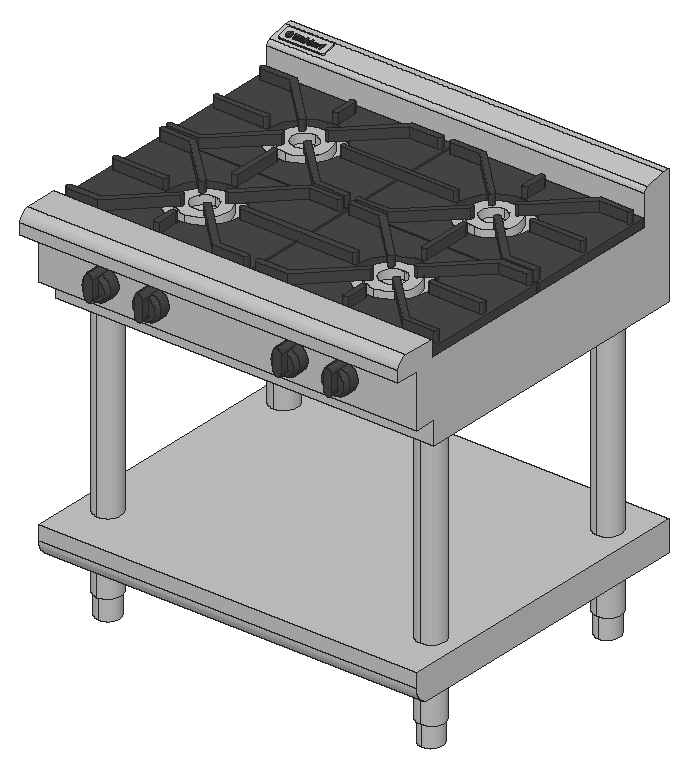
Revit family "QF_MOFFAT WALDORF_RNL8900G-LS", category Specialty Equipment, Revit 2012 (continued)
Automatic sketch dimensions
  Split face 4 sketch curve to Extrusion 1 = 304.563 mm
  Split face 4 sketch curve to Split face 4 sketch curve = 20.0 mm
  Extrusion 1 to Split face 5 sketch curve = 5.177 mm
  Split face 5 sketch curve to Extrusion 1 = 9.153 mm
  Split face 5 sketch curve to Extrusion 1 = 354.563 mm
  Split face 5 sketch curve to Split face 5 sketch curve = 20.0 mm
  Extrusion 1 to Split face 6 sketch curve = 5.177 mm
  Split face 6 sketch curve to Extrusion 1 = 9.153 mm
  Split face 6 sketch curve to Extrusion 1 = 404.563 mm
  Split face 6 sketch curve to Split face 6 sketch curve = 20.0 mm
  Extrusion 1 to Split face 7 sketch curve = 5.177 mm
  Split face 7 sketch curve to Extrusion 1 = 9.153 mm
  Split face 7 sketch curve to Extrusion 1 = 445.437 mm
  Split face 7 sketch curve to Split face 7 sketch curve = 20.0 mm
  Extrusion 1 to Split face 8 sketch curve = 5.177 mm
  Split face 8 sketch curve to Extrusion 1 = 9.153 mm
  Split face 8 sketch curve to Extrusion 1 = 395.437 mm
  Split face 8 sketch curve to Split face 8 sketch curve = 20.0 mm
  Extrusion 1 to Split face 9 sketch curve = 5.177 mm
  Split face 9 sketch curve to Extrusion 1 = 9.153 mm
  Split face 9 sketch curve to Extrusion 1 = 345.437 mm
  Split face 9 sketch curve to Split face 9 sketch curve = 20.0 mm
  Extrusion 1 to Split face 10 sketch curve = 5.177 mm
  Split face 10 sketch curve to Extrusion 1 = 9.153 mm
  Split face 10 sketch curve to Extrusion 1 = 295.437 mm
  Split face 10 sketch curve to Split face 10 sketch curve = 20.0 mm
  Extrusion 1 to Split face 11 sketch curve = 5.177 mm
  Split face 11 sketch curve to Extrusion 1 = 9.153 mm
  Split face 11 sketch curve to Extrusion 1 = 245.437 mm
  Split face 11 sketch curve to Split face 11 sketch curve = 20.0 mm
  Extrusion 1 to Split face 12 sketch curve = 5.177 mm
  Split face 12 sketch curve to Extrusion 1 = 9.153 mm
  Split face 12 sketch curve to Extrusion 1 = 195.437 mm
  Split face 12 sketch curve to Split face 12 sketch curve = 20.0 mm
  Extrusion 1 sketch curve to plane 5 "FRONT" = 0.0 mm
  plane 10 to Extrusion 1 sketch curve = 0.0 mm
  Extrusion 1 sketch curve to plane 9 "Base Height" = 0.0 mm
  Extrusion 1 sketch curve to plane 6 "TOP" = 0.0 mm
  Extrusion 1 sketch curve to plane 1 "BACK" = 0.0 mm  (x2)
  Extrusion 1 sketch curve to plane 5 "FRONT" = 24.0 mm
  Extrusion 1 sketch curve to plane 5 "FRONT" = 56.0 mm  (x2)
  Extrusion 1 sketch curve to Extrusion 1 sketch curve = 38.0 mm
  Extrusion 1 sketch curve to Extrusion 1 sketch curve = 44.0 mm
  plane 1 "BACK" to Extrusion 1 sketch curve = 70.0 mm
  Extrusion 1 sketch curve to plane 6 "TOP" = 12.354 mm
  Extrusion 1 sketch curve to Extrusion 1 sketch curve = 8.894 mm
  Extrusion 1 sketch curve to Extrusion 1 sketch curve = 12.0 mm
  Extrusion 1 sketch curve to Extrusion 1 sketch curve = 15.0 mm
  plane 9 "Base Height" to Extrusion 1 sketch curve = 72.5 mm
  Extrusion 1 sketch curve to Extrusion 1 sketch curve = 25.0 mm
  plane 10 to Extrusion 1 sketch curve = 40.0 mm
  Revolve 12 sketch curve to plane 9 "Base Height" = 0.0 mm
  Revolve 12 sketch curve to level = 0.0 mm
  level to Revolve 12 sketch curve = 50.0 mm
  plane 1 "BACK" to Revolve 12 sketch curve = 131.75 mm
  Revolve 12 sketch curve to Revolve 12 sketch curve = 4.25 mm
  Revolve 12 sketch curve to Revolve 12 sketch curve = 27.5 mm  (x2)
  Revolve 12 sketch curve to Revolve 12 sketch curve = 55.0 mm
  Revolve 12 sketch curve to Revolve 12 sketch curve = 0.0 mm
  Revolve 13 sketch curve to plane 9 "Base Height" = 0.0 mm
  Revolve 13 sketch curve to level = 0.0 mm
  level to Revolve 13 sketch curve = 50.0 mm
  Revolve 13 sketch curve to plane 5 "FRONT" = 148.25 mm
  Revolve 13 sketch curve to Revolve 13 sketch curve = 4.25 mm
  Revolve 13 sketch curve to Revolve 13 sketch curve = 27.5 mm  (x2)
  Revolve 13 sketch curve to Revolve 13 sketch curve = 55.0 mm
  Revolve 13 sketch curve to Revolve 13 sketch curve = 0.0 mm
  Revolve 14 sketch curve to plane 9 "Base Height" = 0.0 mm
  Revolve 14 sketch curve to level = 0.0 mm
  level to Revolve 14 sketch curve = 50.0 mm
  plane 1 "BACK" to Revolve 14 sketch curve = 131.75 mm
  Revolve 14 sketch curve to Revolve 14 sketch curve = 4.25 mm
  Revolve 14 sketch curve to Revolve 14 sketch curve = 27.5 mm  (x2)
  Revolve 14 sketch curve to Revolve 14 sketch curve = 0.0 mm
  Revolve 14 sketch curve to Revolve 14 sketch curve = 55.0 mm
  Revolve 15 sketch curve to plane 9 "Base Height" = 0.0 mm
  Revolve 15 sketch curve to level = 0.0 mm
  level to Revolve 15 sketch curve = 50.0 mm
  Revolve 15 sketch curve to plane 5 "FRONT" = 148.25 mm
  Revolve 15 sketch curve to Revolve 15 sketch curve = 4.25 mm
  Revolve 15 sketch curve to Revolve 15 sketch curve = 27.5 mm  (x2)
  Revolve 15 sketch curve to Revolve 15 sketch curve = 0.0 mm
  Revolve 15 sketch curve to Revolve 15 sketch curve = 55.0 mm
  Extrusion 16 sketch curve to Extrusion 16 sketch curve = 0.0 mm  (x8)
  Extrusion 1 to Extrusion 16 sketch curve = 68.25 mm  (x2)
  Extrusion 16 sketch curve to Extrusion 16 sketch curve = 31.75 mm  (x4)
  Extrusion 1 to Extrusion 16 sketch curve = 155.75 mm  (x2)
  Extrusion 1 to Extrusion 16 sketch curve = 65.0 mm  (x4)
  Extrusion 1 sketch curve to Extrusion 1 sketch curve = 50.0 mm
  Extrusion 1 sketch curve to Extrusion 1 sketch curve = 55.0 mm
  Extrusion 1 sketch curve to Extrusion 1 sketch curve = 181.0 mm
  curve 70 to curve 114 = 0.838 mm
  curve 84 to curve 119 = 0.838 mm
  curve 96 to curve 116 = 1.852 mm
  curve 104 to curve 118 = 1.852 mm
  curve 108 to curve 118 = 6.392 mm
  curve 81 to curve 120 = 7.294 mm
  curve 117 to curve 90 = 1.423 mm
  curve 119 to curve 84 = 0.522 mm
  curve 104 to curve 115 = 7.392 mm
  curve 70 to curve 114 = 8.294 mm
  curve 116 to curve 88 = 0.423 mm
  curve 86 to curve 113 = 0.478 mm
  Extrusion 17 sketch curve to Extrusion 17 sketch curve = 0.0 mm  (x49)
  Extrusion 1 to Extrusion 17 sketch curve = 110.5 mm  (x2)
  Extrusion 17 sketch curve to Extrusion 17 sketch curve = 27.0 mm  (x4)
  Extrusion 17 sketch curve to Extrusion 17 sketch curve = 30.0 mm  (x4)
  Extrusion 17 sketch curve to Extrusion 17 sketch curve = 185.0 mm  (x2)
  Extrusion 1 to Extrusion 17 sketch curve = 224.0 mm  (x2)
  Extrusion 1 to Extrusion 17 sketch curve = 226.0 mm
  curve 86 to curve 121 = 0.0 mm  (x2)
  curve 86 to curve 122 = 27.0 mm
  curve 88 to curve 123 = 0.0 mm  (x2)
  curve 89 to curve 123 = 27.0 mm
  curve 90 to curve 125 = 0.0 mm  (x2)
  curve 90 to curve 125 = 27.0 mm
  curve 84 to curve 127 = 0.0 mm  (x2)
  curve 84 to curve 127 = 27.0 mm
  plane 3 "LEFT" to Extrusion 7 sketch curve = 13.21 mm  (x3)
  plane 1 "BACK" to Extrusion 7 sketch curve = 91.428 mm  (x4)
  plane 1 "BACK" to Extrusion 7 sketch curve = 96.398 mm  (x2)
  plane 4 "RIGHT" to Extrusion 7 sketch curve = 13.21 mm  (x4)
  Extrusion 7 sketch curve to Extrusion 7 sketch curve = 125.272 mm  (x2)
  plane 3 "LEFT" to Extrusion 7 sketch curve = 13.273 mm  (x2)
  plane 4 "RIGHT" to Extrusion 7 sketch curve = 87.354 mm  (x2)
  Extrusion 7 sketch curve to Extrusion 7 sketch curve = 74.143 mm
  plane 4 "RIGHT" to Extrusion 7 sketch curve = 13.273 mm  (x2)
  Extrusion 1 to Extrusion 18 sketch curve = 1.0 mm  (x5)
  Extrusion 18 sketch curve to Extrusion 18 sketch curve = 3.0 mm  (x9)
  Extrusion 1 to Extrusion 18 sketch curve = 4.0 mm  (x2)
  Extrusion 18 sketch curve to Extrusion 18 sketch curve = 0.0 mm  (x6)
  Extrusion 1 to Extrusion 18 sketch curve = 167.079 mm
  Extrusion 1 to Extrusion 18 sketch curve = 167.98 mm
  Extrusion 18 sketch curve to Extrusion 18 sketch curve = 144.395 mm  (x2)
  Extrusion 18 sketch curve to Extrusion 18 sketch curve = 145.296 mm
  Extrusion 18 sketch curve to Extrusion 1 = 167.921 mm
  Extrusion 18 sketch curve to Extrusion 1 = 167.02 mm
  Extrusion 18 sketch curve to Extrusion 1 = 4.0 mm  (x3)
  Extrusion 18 sketch curve to Extrusion 1 = 1.0 mm  (x2)
  Extrusion 1 to Extrusion 18 sketch curve = 224.937 mm  (x2)
  Extrusion 18 sketch curve to Extrusion 18 sketch curve = 220.251 mm  (x2)
  Extrusion 18 sketch curve to Extrusion 18 sketch curve = 3.625 mm  (x2)
  Extrusion 1 to Extrusion 18 sketch curve = 224.05 mm  (x2)
  radius of Extrusion 4 sketch curve = 13.5 mm
  radius of Extrusion 18 sketch curve = 84.082 mm  (x4)
Nested families
  nested 1: "RNL8900G-LS-CASTERS" at (65, -100, 0), Show Casters <- "Show Casters", visible <- "Show Casters", type "RNL8900G-LS-CASTERS"
    with Type Mark "", Status "", Specification by User "", Show Casters no, Revision Code "", Item Number "", Installed By "", Identify Quantity as Lot yes, Furnished By "", Foodservice Equipment Identifier yes
  nested 2: "RNL8900G-LS-CASTERS" at (835, -100, 0), Show Casters <- "Show Casters", visible <- "Show Casters", type "RNL8900G-LS-CASTERS"
    with Type Mark "", Status "", Specification by User "", Show Casters no, Revision Code "", Item Number "", Installed By "", Identify Quantity as Lot yes, Furnished By "", Foodservice Equipment Identifier yes
  nested 3: "WALDORF LOGO_FACE BASE" at (11.53, -20.336, 968.57) x (1, 0, 0) z (0, -0.2588, 0.9659), visible <- "Show Logo", type "WALDORF LOGO_FACE BASE", detail levels medium+fine
    with Show Logo yes
Connectors
  piping at (770, -32, 655)
    settings: on Extrusion 4, index 3, connector radius 0.37402", flow factor 0, pipe flow 0 GPM, pressure drop 0.00 psi, fitting loss kfactor 0, connector angle 0.00°, fixture units 0, engagement length 0.0 mm, flow configuration 1, flow direction 1, fitting loss method 0, system type 7, joint type 0, gender type 0, connector reference index -1, connector utility 0, adjustable connector no, is connector primary yes, fitting loss table "", connector description "GAS CONNECTION"
Definition of nested family "WALDORF LOGO_FACE BASE"
  Parameters (values of type "WALDORF LOGO_FACE BASE")
    Show Logo [instance] = yes
    Default Elevation = 1219.2 mm
  Reference planes
    plane 1 "Center (Front/Back)": y = 0
    plane 2: z = 0
    plane 3 "Center (Left/Right)": x = 0
  Forms (mm)
    Extrusion 1, solid
      sketch origin (0, 0, 0) x (1, 0, 0) y (0, 1, 0)
        loop
          line (-1219.2, 1219.2) -> (-1219.2, -1219.2) -> (1219.2, -1219.2) -> (1219.2, 1219.2) -> (-1219.2, 1219.2)
      from 0 to -304.8
    Extrusion 2, solid, material "QF_Finishes_Stainless Steel", visible <- "Show Logo"
      sketch origin (0, -33.217, 0) x (1, 0, 0) y (0, 1, 0)
        loop
          arc (5, 34.14) -> (1.464, 32.676) -> (0, 29.14) r 5
          line (0, 29.14) -> (0, 5)
          arc (0, 5) -> (1.464, 1.464) -> (5, 0) r 5
          line (5, 0) -> (104, 0)
          arc (104, 0) -> (107.536, 1.464) -> (109, 5) r 5
          line (109, 5) -> (109, 29.14)
          arc (109, 29.14) -> (107.536, 32.676) -> (104, 34.14) r 5
          line (104, 34.14) -> (5, 34.14)
      from 0 to 1.588
    Extrusion 3, solid, material "QF_Finishes_Black", visible <- "Show Logo"
      sketch origin (0, -33.217, 1.588) x (1, 0, 0) y (0, 1, 0)
        loop
          line (24.772, 23.214) -> (27.992, 10.301) -> (31.551, 10.301) -> (33.443, 17.364) -> (35.205, 10.301) -> (39.332, 10.301) -> (42.077, 23.214) -> (38.352, 23.214) -> (36.676, 15.33) -> (35, 23.214) -> (31.752, 23.214) -> (30.076, 15.33) -> (28.4, 23.214) -> (24.772, 23.214)
        loop
          line (42.272, 17.055) -> (45.703, 17.055)
          spline (45.703, 17.055) -> (45.741, 17.285) -> (45.852, 17.499) -> (46.028, 17.682) -> (46.258, 17.823) -> (46.526, 17.912) -> (46.813, 17.942) -> (47.1, 17.912) -> (47.368, 17.823) -> (47.597, 17.682) -> (47.774, 17.499) -> (47.884, 17.285) -> (47.922, 17.055)
          line (47.922, 17.055) -> (47.922, 16.222)
          arc (47.922, 16.222) -> (45.742, 16.014) -> (43.665, 15.317) r 9.604
          arc (43.665, 15.317) -> (41.924, 12.809) -> (43.665, 10.301) r 2.677
          arc (43.665, 10.301) -> (45.527, 10.353) -> (47.332, 10.816) r 8.365
          line (47.332, 10.816) -> (48.092, 11.105) -> (48.092, 10.301) -> (51.817, 10.301) -> (51.817, 17.055)
          spline (51.817, 17.055) -> (51.654, 17.821) -> (51.178, 18.535) -> (50.419, 19.148) -> (49.431, 19.619) -> (48.28, 19.914) -> (47.044, 20.015) -> (45.809, 19.914) -> (44.658, 19.619) -> (43.67, 19.148) -> (42.911, 18.535) -> (42.434, 17.821) -> (42.272, 17.055)
        loop
          line (53.151, 23.214) -> (53.151, 10.301) -> (57.37, 10.301) -> (57.37, 23.214) -> (53.151, 23.214)
        loop
          line (64.874, 23.214) -> (64.874, 18.857)
          arc (64.874, 18.857) -> (58.083, 15.11) -> (64.874, 11.363) r 4.429
          line (64.874, 11.363) -> (64.874, 10.301) -> (68.378, 10.301) -> (68.378, 23.214) -> (64.874, 23.214)
        loop
          arc (64.874, 16.083) -> (61.41, 14.987) -> (64.874, 13.891) r 1.905
          line (64.874, 13.891) -> (64.874, 16.083)
        loop
          circle (74.623, 15.223) r 5
        loop
          spline (74.623, 17.856) -> (74.355, 17.766) -> (74.105, 17.503) -> (73.891, 17.084) -> (73.726, 16.539) -> (73.623, 15.904) -> (73.588, 15.223) -> (73.623, 14.541) -> (73.726, 13.906) -> (73.891, 13.361) -> (74.105, 12.942) -> (74.355, 12.679) -> (74.623, 12.59)
          spline (74.623, 12.59) -> (74.891, 12.679) -> (75.141, 12.942) -> (75.355, 13.361) -> (75.52, 13.906) -> (75.623, 14.541) -> (75.659, 15.223) -> (75.623, 15.904) -> (75.52, 16.539) -> (75.355, 17.084) -> (75.141, 17.503) -> (74.891, 17.766) -> (74.623, 17.856)
        loop
          line (81.255, 19.813) -> (81.255, 10.301) -> (84.834, 10.301) -> (84.834, 14.176)
          arc (84.834, 14.176) -> (85.854, 16.093) -> (88.013, 16.32) r 2.313
          line (88.013, 16.32) -> (88.013, 19.813) -> (87.161, 19.813)
          arc (87.161, 19.813) -> (85.526, 19.266) -> (84.549, 17.844) r 2.717
          line (84.549, 17.844) -> (84.549, 19.813) -> (81.255, 19.813)
        loop
          line (90.249, 19.813) -> (88.91, 19.813) -> (88.91, 17.614) -> (90.249, 17.614) -> (90.249, 10.301) -> (93.998, 10.301) -> (93.998, 17.614) -> (95.418, 17.614) -> (95.418, 19.813) -> (93.998, 19.813)
          arc (93.998, 19.813) -> (94.414, 20.817) -> (95.418, 21.233) r 1.42
          line (95.418, 21.233) -> (95.418, 23.602) -> (93.317, 23.602)
          arc (93.317, 23.602) -> (91.343, 22.903) -> (90.249, 21.118) r 3.137
          line (90.249, 21.118) -> (90.249, 19.813)
        loop
          arc (15.241, 23.571) -> (8.392, 16.525) -> (15.241, 9.479) r 7.049
          line (15.241, 9.479) -> (15.241, 23.571)
        loop
          line (15.641, 23.571) -> (15.641, 9.479)
          arc (15.641, 9.479) -> (22.49, 16.525) -> (15.641, 23.571) r 7.049
        loop
          arc (47.922, 14.711) -> (46.266, 13.749) -> (47.922, 12.787) r 1.107
          line (47.922, 12.787) -> (47.922, 14.711)
      from 0 to 0.2
  Dimensions and locks
    aligned and locked: plane 2 to Extrusion 1
    aligned and locked: level to Extrusion 1
Definition of nested family "RNL8900G-LS-CASTERS"
  Parameters (values of type "BTL8450-CB-CASTERS")
    Weight = ""
    URL Manufacturer = ""
    URL Cutsheet = ""
    URL = ""
    Type Mark [instance] = ""
    Status [instance] = ""
    Specification by User [instance] = ""
    Specification by Manufacturer = ""
    Show Casters [instance] = no
    Serial Number = ""
    Seismic Rating = ""
    SMACNA No = ""
    Revision Code [instance] = ""
    Omniclass Number and Title = ""
    NAFEM Spec ID Number = ""
    Model = ""
    MasterSpec. = ""
    Manufacturer = ""
    Item Number [instance] = ""
    Installed By [instance] = ""
    Identify Quantity as Lot [instance] = yes
    Furnished By [instance] = ""
    Foodservice Equipment Identifier [instance] = yes
    Description = ""
    CSI MasterFormat = ""
    CSI Master Format = ""
    Assembly Code = ""
  Reference planes
    plane 1: z = 0
    plane 2 "RIGHT": x = 0
    plane 3 "FRONT": y = 0
    plane 4 "TOP": z = 177.8
  Forms (mm)
    Revolve 1, solid, material "QF_Finishes_Stainless Steel", visible <- "Show Casters"
      sketch origin (0, 56.335, 0) x (0, 1, 0) y (0, 0, 1)
        loop
          line (-56.335, 152.4) -> (-56.335, 141.118) -> (-23.798, 141.118) -> (-23.798, 152.4) -> (-56.335, 152.4)
        axis (-56.335, 141.118) -> (-56.335, 152.4)
      angle from 0 to 360
    Extrusion 2, solid, material "QF_Finishes_Stainless Steel", visible <- "Show Casters"
      sketch origin (-46.049, 56.335, 0) x (0, 1, 0) y (0, 0, 1)
        loop
          line (-85.799, 141.118) -> (-85.799, 133.498) -> (-82.136, 133.498)
          arc (-82.136, 133.498) -> (-79.344, 132.328) -> (-77.146, 130.248) r 8.432
          line (-77.146, 130.248) -> (-39.502, 49.52)
          arc (-39.502, 49.52) -> (-13.784, 46.107) -> (-5.673, 70.75) r 20.32
          arc (-5.673, 70.75) -> (-7.065, 73.611) -> (-8.887, 76.22) r 20.32
          arc (-8.887, 76.22) -> (-9.399, 85.377) -> (-6.626, 94.119) r 25.4
          line (-6.626, 94.119) -> (8.003, 121.632)
          arc (8.003, 121.632) -> (-2.347, 126.31) -> (-13.34, 129.167) r 66.802
          line (-13.34, 129.167) -> (-13.765, 133.498) -> (-26.871, 133.498) -> (-26.871, 141.118) -> (-85.799, 141.118)
      from 20.058 to 22.923
    Extrusion 3, solid, material "QF_Finishes_Stainless Steel", visible <- "Show Casters"
      sketch origin (3.326, 56.335, 0) x (0, 1, 0) y (0, 0, 1)
        loop
          line (-85.799, 141.118) -> (-85.799, 133.498) -> (-82.136, 133.498)
          arc (-82.136, 133.498) -> (-79.344, 132.328) -> (-77.146, 130.248) r 8.432
          line (-77.146, 130.248) -> (-39.502, 49.52)
          arc (-39.502, 49.52) -> (-13.784, 46.107) -> (-5.673, 70.75) r 20.32
          arc (-5.673, 70.75) -> (-7.065, 73.611) -> (-8.887, 76.22) r 20.32
          arc (-8.887, 76.22) -> (-9.399, 85.377) -> (-6.626, 94.119) r 25.4
          line (-6.626, 94.119) -> (8.003, 121.632)
          arc (8.003, 121.632) -> (-2.347, 126.31) -> (-13.34, 129.167) r 66.802
          line (-13.34, 129.167) -> (-13.765, 133.498) -> (-26.871, 133.498) -> (-26.871, 141.118) -> (-85.799, 141.118)
      from 20.058 to 22.923
    Extrusion 4, solid, material "QF_Finishes_Stainless Steel", visible <- "Show Casters"
      sketch origin (-49.224, 56.335, 0) x (0, 1, 0) y (0, 0, 1)
        loop
          line (-85.799, 141.118) -> (-85.799, 133.498) -> (-82.136, 133.498) -> (-18.877, 127.964) -> (7.14, 120.01) -> (8.003, 121.632)
          arc (8.003, 121.632) -> (-2.347, 126.31) -> (-13.34, 129.167) r 66.802
          line (-13.34, 129.167) -> (-13.765, 133.498) -> (-26.871, 133.498) -> (-26.871, 141.118) -> (-85.799, 141.118)
      from 26.098 to 72.56
    Revolve 5, solid, material "QF_Finishes_Stainless Steel", visible <- "Show Casters"
      sketch origin (-49.224, 30.821, 0) x (1, 0, 0) y (0, 0, 1)
        loop
          line (14.841, 63.604) -> (83.584, 63.604) -> (83.584, 67.109) -> (82.314, 68.379) -> (80.79, 68.379) -> (80.79, 71.826) -> (68.644, 71.826) -> (68.644, 81.79) -> (65.088, 83.843) -> (61.683, 104.879) -> (65.881, 104.879) -> (65.881, 111.229) -> (65.088, 111.229) -> (65.088, 117.579)
          arc (65.088, 117.579) -> (62.298, 124.314) -> (55.563, 127.104) r 9.525
          line (55.563, 127.104) -> (42.863, 127.104)
          arc (42.863, 127.104) -> (36.127, 124.314) -> (33.338, 117.579) r 9.525
          line (33.338, 117.579) -> (33.338, 111.229) -> (32.544, 111.229) -> (32.544, 104.879) -> (36.742, 104.879) -> (33.352, 83.932) -> (29.782, 81.871) -> (29.782, 71.826) -> (17.635, 71.826) -> (17.635, 68.379) -> (16.111, 68.379) -> (14.841, 67.109) -> (14.841, 63.604)
        axis (14.841, 63.604) -> (83.584, 63.604)
      angle from 0 to 360
  Cuts and joins
    joined: Extrusion 2, Extrusion 3, Extrusion 4
  Lines and regions (mm)
    symbolic lines, style "SpecialityEquipmentHiddenLines", visible <- "Show Casters"
      curve 1: line (18.009, 67.053, 0) -> (45.595, 51.127, 0)
      curve 2: line (-45.491, -42.932, 0) -> (18.009, 67.053, 0)
      curve 3: line (-17.905, -58.859, 0) -> (-45.491, -42.932, 0)
      curve 4: line (45.595, 51.127, 0) -> (-17.905, -58.859, 0)
  Dimensions and locks
    plane 4 "TOP" to level = 177.8 mm  (x2)
    Revolve 5 sketch curve to Revolve 5 sketch curve = 63.5 mm
    aligned and locked: level to plane 1
